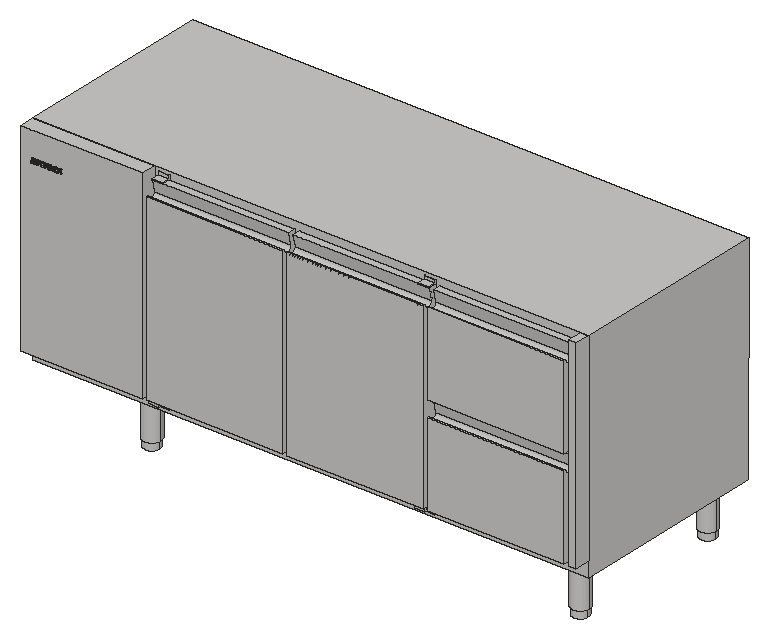
Revit family "QF_ALPENINOX_712201_AK3F7AAB", category Specialty Equipment, Revit 2018 (continued)
Definition of nested family "APX_BI_BT_L"
  Automatic sketch dimensions
    Extrusion 4 sketch curve to Extrusion 4 sketch curve = 2.288 mm  (x2)
    Extrusion 4 sketch curve to Extrusion 4 sketch curve = 0.533 mm  (x4)
    Extrusion 4 sketch curve to Extrusion 4 sketch curve = 0.732 mm
    Extrusion 4 sketch curve to Extrusion 4 sketch curve = 0.14 mm  (x4)
    Extrusion 4 sketch curve to Extrusion 4 sketch curve = 0.075 mm
    Extrusion 4 sketch curve to Extrusion 4 sketch curve = 0.31 mm  (x2)
    Extrusion 4 sketch curve to Extrusion 4 sketch curve = 0.473 mm
    Extrusion 4 sketch curve to Extrusion 4 sketch curve = 0.171 mm
    Extrusion 4 sketch curve to Extrusion 4 sketch curve = 0.674 mm
    Extrusion 4 sketch curve to Extrusion 4 sketch curve = 1.992 mm
    Extrusion 4 sketch curve to Extrusion 4 sketch curve = 5.4 mm
    Extrusion 4 sketch curve to Extrusion 4 sketch curve = 3.473 mm  (x2)
    Extrusion 4 sketch curve to Extrusion 4 sketch curve = 2.32 mm
    Extrusion 4 sketch curve to Extrusion 4 sketch curve = 2.431 mm
    Extrusion 4 sketch curve to Extrusion 4 sketch curve = 1.177 mm
    Extrusion 4 sketch curve to Extrusion 4 sketch curve = 0.966 mm
    Extrusion 4 sketch curve to Extrusion 4 sketch curve = 2.544 mm
    Extrusion 4 sketch curve to Extrusion 4 sketch curve = 0.346 mm
    Extrusion 4 sketch curve to Extrusion 4 sketch curve = 0.037 mm
    Extrusion 4 sketch curve to Extrusion 4 sketch curve = 2.58 mm  (x2)
    Extrusion 4 sketch curve to Extrusion 4 sketch curve = 0.793 mm  (x2)
    Extrusion 4 sketch curve to Extrusion 4 sketch curve = 0.276 mm
    Extrusion 4 sketch curve to Extrusion 4 sketch curve = 3.452 mm  (x2)
    Extrusion 4 sketch curve to Extrusion 4 sketch curve = 1.238 mm
    Extrusion 4 sketch curve to Extrusion 4 sketch curve = 3.023 mm
    Extrusion 4 sketch curve to Extrusion 4 sketch curve = 0.834 mm  (x2)
    Extrusion 4 sketch curve to Extrusion 4 sketch curve = 0.529 mm
    Extrusion 4 sketch curve to Extrusion 4 sketch curve = 0.823 mm  (x2)
    Extrusion 4 sketch curve to Extrusion 4 sketch curve = 0.947 mm
    Extrusion 4 sketch curve to Extrusion 4 sketch curve = 3.837 mm
    Extrusion 4 sketch curve to Extrusion 4 sketch curve = 0.623 mm
    Extrusion 4 sketch curve to Extrusion 4 sketch curve = 1.082 mm
    Extrusion 4 sketch curve to Extrusion 4 sketch curve = 0.801 mm
    Extrusion 4 sketch curve to Extrusion 4 sketch curve = 1 mm
    Extrusion 4 sketch curve to Extrusion 4 sketch curve = 0.089 mm
    Extrusion 4 sketch curve to Extrusion 4 sketch curve = 4.257 mm
    Extrusion 4 sketch curve to Extrusion 4 sketch curve = 4.345 mm  (x2)
    Extrusion 4 sketch curve to Extrusion 4 sketch curve = 2.576 mm
    Extrusion 4 sketch curve to Extrusion 4 sketch curve = 1.385 mm  (x4)
    Extrusion 4 sketch curve to Extrusion 4 sketch curve = 2.133 mm  (x4)
    Extrusion 4 sketch curve to Extrusion 4 sketch curve = 3.518 mm
    Extrusion 4 sketch curve to Extrusion 4 sketch curve = 3.032 mm
    Split face 198 sketch curve to Extrusion 2 = 0 mm  (x2)
    Split face 198 sketch curve to Extrusion 2 = 34 mm
    Split face 198 sketch curve to Extrusion 2 = 104 mm
    Split face 198 sketch curve to Split face 198 sketch curve = 17.5 mm
    Split face 134 sketch curve to Extrusion 2 = 135.544 mm
    Split face 134 sketch curve to Extrusion 2 = 128.176 mm
    Split face 135 sketch curve to Extrusion 2 = 80.544 mm
    Split face 135 sketch curve to Extrusion 2 = 128.176 mm
    Split face 136 sketch curve to Extrusion 2 = 135.544 mm
    Split face 136 sketch curve to Extrusion 2 = 140.176 mm
    Split face 137 sketch curve to Extrusion 2 = 80.544 mm
    Split face 137 sketch curve to Extrusion 2 = 140.176 mm
    Split face 138 sketch curve to Extrusion 2 = 135.544 mm
    Split face 138 sketch curve to Extrusion 2 = 152.176 mm
    Split face 139 sketch curve to Extrusion 2 = 80.544 mm
    Split face 139 sketch curve to Extrusion 2 = 152.176 mm
    Split face 140 sketch curve to Extrusion 2 = 135.544 mm
    Split face 140 sketch curve to Extrusion 2 = 164.176 mm
    Split face 141 sketch curve to Extrusion 2 = 80.544 mm
    Split face 141 sketch curve to Extrusion 2 = 164.176 mm
    Split face 142 sketch curve to Extrusion 2 = 135.544 mm
    Split face 142 sketch curve to Extrusion 2 = 176.176 mm
    Split face 143 sketch curve to Extrusion 2 = 80.544 mm
    Split face 143 sketch curve to Extrusion 2 = 176.176 mm
    Split face 144 sketch curve to Extrusion 2 = 135.544 mm
    Split face 144 sketch curve to Extrusion 2 = 188.176 mm
    Split face 145 sketch curve to Extrusion 2 = 80.544 mm
    Split face 145 sketch curve to Extrusion 2 = 188.176 mm
    Split face 146 sketch curve to Extrusion 2 = 135.544 mm
    Split face 146 sketch curve to Extrusion 2 = 200.176 mm
    Split face 147 sketch curve to Extrusion 2 = 80.544 mm
    Split face 147 sketch curve to Extrusion 2 = 200.176 mm
    Split face 148 sketch curve to Extrusion 2 = 135.544 mm
    Split face 148 sketch curve to Extrusion 2 = 212.176 mm
    Split face 149 sketch curve to Extrusion 2 = 80.544 mm
    Split face 149 sketch curve to Extrusion 2 = 212.176 mm
    Split face 150 sketch curve to Extrusion 2 = 135.544 mm
    Split face 150 sketch curve to Extrusion 2 = 224.176 mm
    Split face 151 sketch curve to Extrusion 2 = 80.544 mm
    Split face 151 sketch curve to Extrusion 2 = 224.176 mm
    Split face 152 sketch curve to Extrusion 2 = 135.544 mm
    Split face 152 sketch curve to Extrusion 2 = 236.176 mm
    Split face 153 sketch curve to Extrusion 2 = 80.544 mm
    Split face 153 sketch curve to Extrusion 2 = 236.176 mm
    Split face 154 sketch curve to Extrusion 2 = 135.544 mm
    Split face 154 sketch curve to Extrusion 2 = 248.176 mm
    Split face 155 sketch curve to Extrusion 2 = 80.544 mm
    Split face 155 sketch curve to Extrusion 2 = 248.176 mm
    Split face 156 sketch curve to Extrusion 2 = 135.544 mm
    Split face 156 sketch curve to Extrusion 2 = 260.176 mm
    Split face 157 sketch curve to Extrusion 2 = 80.544 mm
    Split face 157 sketch curve to Extrusion 2 = 260.176 mm
    Split face 158 sketch curve to Extrusion 2 = 135.544 mm
    Split face 158 sketch curve to Extrusion 2 = 272.176 mm
    Split face 159 sketch curve to Extrusion 2 = 80.544 mm
    Split face 159 sketch curve to Extrusion 2 = 272.176 mm
    Split face 160 sketch curve to Extrusion 2 = 135.544 mm
    Split face 160 sketch curve to Extrusion 2 = 284.176 mm
    Split face 161 sketch curve to Extrusion 2 = 80.544 mm
    Split face 161 sketch curve to Extrusion 2 = 284.176 mm
    Split face 162 sketch curve to Extrusion 2 = 135.544 mm
    Split face 162 sketch curve to Extrusion 2 = 296.176 mm
    Split face 163 sketch curve to Extrusion 2 = 80.544 mm
    Split face 163 sketch curve to Extrusion 2 = 296.176 mm
    Split face 164 sketch curve to Extrusion 2 = 135.544 mm
    Split face 164 sketch curve to Extrusion 2 = 308.176 mm
    Split face 165 sketch curve to Extrusion 2 = 80.544 mm
    Split face 165 sketch curve to Extrusion 2 = 308.176 mm
    Split face 166 sketch curve to Extrusion 2 = 135.544 mm
    Split face 166 sketch curve to Extrusion 2 = 192.174 mm
    Split face 167 sketch curve to Extrusion 2 = 80.544 mm
    Split face 167 sketch curve to Extrusion 2 = 192.174 mm
    Split face 168 sketch curve to Extrusion 2 = 135.544 mm
    Split face 168 sketch curve to Extrusion 2 = 180.174 mm
    Split face 169 sketch curve to Extrusion 2 = 80.544 mm
    Split face 169 sketch curve to Extrusion 2 = 180.174 mm
    Split face 170 sketch curve to Extrusion 2 = 135.544 mm
    Split face 170 sketch curve to Extrusion 2 = 168.174 mm
    Split face 171 sketch curve to Extrusion 2 = 80.544 mm
    Split face 171 sketch curve to Extrusion 2 = 168.174 mm
    Split face 172 sketch curve to Extrusion 2 = 135.544 mm
    Split face 172 sketch curve to Extrusion 2 = 156.174 mm
    Split face 173 sketch curve to Extrusion 2 = 80.544 mm
    Split face 173 sketch curve to Extrusion 2 = 156.174 mm
    Split face 174 sketch curve to Extrusion 2 = 135.544 mm
    Split face 174 sketch curve to Extrusion 2 = 144.174 mm
    Split face 175 sketch curve to Extrusion 2 = 80.544 mm
    Split face 175 sketch curve to Extrusion 2 = 144.174 mm
    Split face 176 sketch curve to Extrusion 2 = 135.544 mm
    Split face 176 sketch curve to Extrusion 2 = 132.174 mm
    Split face 177 sketch curve to Extrusion 2 = 80.544 mm
    Split face 177 sketch curve to Extrusion 2 = 132.174 mm
    Split face 178 sketch curve to Extrusion 2 = 135.544 mm
    Split face 178 sketch curve to Extrusion 2 = 120.174 mm
    Split face 179 sketch curve to Extrusion 2 = 80.544 mm
    Split face 179 sketch curve to Extrusion 2 = 120.174 mm
    Split face 180 sketch curve to Extrusion 2 = 135.544 mm
    Split face 180 sketch curve to Extrusion 2 = 108.174 mm
    Split face 181 sketch curve to Extrusion 2 = 80.544 mm
    Split face 181 sketch curve to Extrusion 2 = 108.174 mm
    Split face 182 sketch curve to Extrusion 2 = 135.544 mm
    Split face 182 sketch curve to Extrusion 2 = 96.174 mm
    Split face 183 sketch curve to Extrusion 2 = 80.544 mm
    Split face 183 sketch curve to Extrusion 2 = 96.174 mm
    Split face 184 sketch curve to Extrusion 2 = 135.544 mm
    Split face 184 sketch curve to Extrusion 2 = 84.174 mm
    Split face 185 sketch curve to Extrusion 2 = 80.544 mm
    Split face 185 sketch curve to Extrusion 2 = 84.174 mm
    Split face 186 sketch curve to Extrusion 2 = 135.544 mm
    Split face 186 sketch curve to Extrusion 2 = 72.174 mm
    Split face 187 sketch curve to Extrusion 2 = 80.544 mm
    Split face 187 sketch curve to Extrusion 2 = 72.174 mm
    Split face 188 sketch curve to Extrusion 2 = 135.544 mm
    Split face 188 sketch curve to Extrusion 2 = 60.174 mm
    Split face 189 sketch curve to Extrusion 2 = 80.544 mm
    Split face 189 sketch curve to Extrusion 2 = 60.174 mm
    Split face 190 sketch curve to Extrusion 2 = 56.174 mm
    Split face 190 sketch curve to Extrusion 2 = 135.544 mm
    Split face 191 sketch curve to Extrusion 2 = 80.544 mm
    Split face 191 sketch curve to Extrusion 2 = 48.174 mm
    Split face 192 sketch curve to Extrusion 2 = 44.174 mm
    Split face 192 sketch curve to Extrusion 2 = 135.544 mm
    Split face 193 sketch curve to Extrusion 2 = 80.544 mm
    Split face 193 sketch curve to Extrusion 2 = 36.174 mm
    Split face 194 sketch curve to Extrusion 2 = 32.174 mm
    Split face 194 sketch curve to Extrusion 2 = 135.544 mm
    Split face 195 sketch curve to Extrusion 2 = 32.174 mm
    Split face 195 sketch curve to Extrusion 2 = 80.544 mm
    Split face 196 sketch curve to Extrusion 2 = 20.174 mm
    Split face 196 sketch curve to Extrusion 2 = 135.544 mm
    Split face 197 sketch curve to Extrusion 2 = 20.174 mm
    Split face 197 sketch curve to Extrusion 2 = 80.544 mm
    Split face 4 sketch curve to Extrusion 2 = 38.456 mm
    Split face 4 sketch curve to Extrusion 2 = 128.176 mm
    Split face 5 sketch curve to Extrusion 2 = 190.544 mm
    Split face 5 sketch curve to Extrusion 2 = 128.176 mm
    Split face 6 sketch curve to Extrusion 2 = 93.456 mm
    Split face 6 sketch curve to Extrusion 2 = 128.176 mm
    Split face 7 sketch curve to Extrusion 2 = 148.456 mm
    Split face 7 sketch curve to Extrusion 2 = 128.176 mm
    Split face 9 sketch curve to Extrusion 2 = 38.456 mm
    Split face 9 sketch curve to Extrusion 2 = 140.176 mm
    Split face 10 sketch curve to Extrusion 2 = 190.544 mm
    Split face 10 sketch curve to Extrusion 2 = 140.176 mm
    Split face 11 sketch curve to Extrusion 2 = 93.456 mm
    Split face 11 sketch curve to Extrusion 2 = 140.176 mm
    Split face 12 sketch curve to Extrusion 2 = 148.456 mm
    Split face 12 sketch curve to Extrusion 2 = 140.176 mm
    Split face 13 sketch curve to Extrusion 2 = 38.456 mm
    Split face 13 sketch curve to Extrusion 2 = 152.176 mm
    Split face 14 sketch curve to Extrusion 2 = 190.544 mm
    Split face 14 sketch curve to Extrusion 2 = 152.176 mm
    Split face 15 sketch curve to Extrusion 2 = 93.456 mm
    Split face 15 sketch curve to Extrusion 2 = 152.176 mm
    Split face 16 sketch curve to Extrusion 2 = 148.456 mm
    Split face 16 sketch curve to Extrusion 2 = 152.176 mm
    Split face 17 sketch curve to Extrusion 2 = 38.456 mm
    Split face 17 sketch curve to Extrusion 2 = 164.176 mm
    Split face 18 sketch curve to Extrusion 2 = 190.544 mm
    Split face 18 sketch curve to Extrusion 2 = 164.176 mm
    Split face 19 sketch curve to Extrusion 2 = 93.456 mm
    Split face 19 sketch curve to Extrusion 2 = 164.176 mm
    Split face 20 sketch curve to Extrusion 2 = 148.456 mm
    Split face 20 sketch curve to Extrusion 2 = 164.176 mm
    Split face 21 sketch curve to Extrusion 2 = 38.456 mm
    Split face 21 sketch curve to Extrusion 2 = 176.176 mm
    Split face 22 sketch curve to Extrusion 2 = 190.544 mm
    Split face 22 sketch curve to Extrusion 2 = 176.176 mm
    Split face 23 sketch curve to Extrusion 2 = 93.456 mm
    Split face 23 sketch curve to Extrusion 2 = 176.176 mm
    Split face 24 sketch curve to Extrusion 2 = 148.456 mm
    Split face 24 sketch curve to Extrusion 2 = 176.176 mm
    Split face 25 sketch curve to Extrusion 2 = 38.456 mm
    Split face 25 sketch curve to Extrusion 2 = 188.176 mm
    Split face 26 sketch curve to Extrusion 2 = 190.544 mm
    Split face 26 sketch curve to Extrusion 2 = 188.176 mm
    Split face 27 sketch curve to Extrusion 2 = 93.456 mm
    Split face 27 sketch curve to Extrusion 2 = 188.176 mm
    Split face 28 sketch curve to Extrusion 2 = 148.456 mm
    Split face 28 sketch curve to Extrusion 2 = 188.176 mm
    Split face 29 sketch curve to Extrusion 2 = 38.456 mm
    Split face 29 sketch curve to Extrusion 2 = 200.176 mm
    Split face 30 sketch curve to Extrusion 2 = 190.544 mm
    Split face 30 sketch curve to Extrusion 2 = 200.176 mm
    Split face 31 sketch curve to Extrusion 2 = 93.456 mm
    Split face 31 sketch curve to Extrusion 2 = 200.176 mm
    Split face 32 sketch curve to Extrusion 2 = 148.456 mm
    Split face 32 sketch curve to Extrusion 2 = 200.176 mm
    Split face 33 sketch curve to Extrusion 2 = 38.456 mm
    Split face 33 sketch curve to Extrusion 2 = 212.176 mm
    Split face 34 sketch curve to Extrusion 2 = 190.544 mm
    Split face 34 sketch curve to Extrusion 2 = 212.176 mm
    Split face 35 sketch curve to Extrusion 2 = 93.456 mm
    Split face 35 sketch curve to Extrusion 2 = 212.176 mm
    Split face 36 sketch curve to Extrusion 2 = 148.456 mm
    Split face 36 sketch curve to Extrusion 2 = 212.176 mm
    Split face 37 sketch curve to Extrusion 2 = 38.456 mm
    Split face 37 sketch curve to Extrusion 2 = 224.176 mm
    Split face 38 sketch curve to Extrusion 2 = 190.544 mm
    Split face 38 sketch curve to Extrusion 2 = 224.176 mm
    Split face 39 sketch curve to Extrusion 2 = 93.456 mm
    Split face 39 sketch curve to Extrusion 2 = 224.176 mm
    Split face 40 sketch curve to Extrusion 2 = 148.456 mm
    Split face 40 sketch curve to Extrusion 2 = 224.176 mm
    Split face 41 sketch curve to Extrusion 2 = 38.456 mm
    Split face 41 sketch curve to Extrusion 2 = 236.176 mm
    Split face 42 sketch curve to Extrusion 2 = 190.544 mm
    Split face 42 sketch curve to Extrusion 2 = 236.176 mm
    Split face 43 sketch curve to Extrusion 2 = 93.456 mm
    Split face 43 sketch curve to Extrusion 2 = 236.176 mm
    Split face 44 sketch curve to Extrusion 2 = 148.456 mm
    Split face 44 sketch curve to Extrusion 2 = 236.176 mm
    Split face 45 sketch curve to Extrusion 2 = 38.456 mm
    Split face 45 sketch curve to Extrusion 2 = 248.176 mm
    Split face 46 sketch curve to Extrusion 2 = 190.544 mm
    Split face 46 sketch curve to Extrusion 2 = 248.176 mm
    Split face 47 sketch curve to Extrusion 2 = 93.456 mm
    Split face 47 sketch curve to Extrusion 2 = 248.176 mm
    Split face 48 sketch curve to Extrusion 2 = 148.456 mm
    Split face 48 sketch curve to Extrusion 2 = 248.176 mm
    Split face 49 sketch curve to Extrusion 2 = 38.456 mm
    Split face 49 sketch curve to Extrusion 2 = 260.176 mm
    Split face 50 sketch curve to Extrusion 2 = 190.544 mm
    Split face 50 sketch curve to Extrusion 2 = 260.176 mm
    Split face 51 sketch curve to Extrusion 2 = 93.456 mm
    Split face 51 sketch curve to Extrusion 2 = 260.176 mm
    Split face 52 sketch curve to Extrusion 2 = 148.456 mm
    Split face 52 sketch curve to Extrusion 2 = 260.176 mm
    Split face 53 sketch curve to Extrusion 2 = 38.456 mm
    Split face 53 sketch curve to Extrusion 2 = 272.176 mm
    Split face 54 sketch curve to Extrusion 2 = 190.544 mm
    Split face 54 sketch curve to Extrusion 2 = 272.176 mm
    Split face 55 sketch curve to Extrusion 2 = 93.456 mm
    Split face 55 sketch curve to Extrusion 2 = 272.176 mm
    Split face 56 sketch curve to Extrusion 2 = 148.456 mm
    Split face 56 sketch curve to Extrusion 2 = 272.176 mm
    Split face 57 sketch curve to Extrusion 2 = 38.456 mm
    Split face 57 sketch curve to Extrusion 2 = 284.176 mm
    Split face 58 sketch curve to Extrusion 2 = 190.544 mm
    Split face 58 sketch curve to Extrusion 2 = 284.176 mm
    Split face 59 sketch curve to Extrusion 2 = 93.456 mm
    Split face 59 sketch curve to Extrusion 2 = 284.176 mm
    Split face 60 sketch curve to Extrusion 2 = 148.456 mm
    Split face 60 sketch curve to Extrusion 2 = 284.176 mm
    Split face 61 sketch curve to Extrusion 2 = 38.456 mm
    Split face 61 sketch curve to Extrusion 2 = 296.176 mm
    Split face 62 sketch curve to Extrusion 2 = 190.544 mm
    Split face 62 sketch curve to Extrusion 2 = 296.176 mm
    Split face 63 sketch curve to Extrusion 2 = 93.456 mm
    Split face 63 sketch curve to Extrusion 2 = 296.176 mm
    Split face 64 sketch curve to Extrusion 2 = 148.456 mm
    Split face 64 sketch curve to Extrusion 2 = 296.176 mm
    Split face 65 sketch curve to Extrusion 2 = 38.456 mm
    Split face 65 sketch curve to Extrusion 2 = 308.176 mm
    Split face 66 sketch curve to Extrusion 2 = 190.544 mm
    Split face 66 sketch curve to Extrusion 2 = 308.176 mm
    Split face 67 sketch curve to Extrusion 2 = 93.456 mm
    Split face 67 sketch curve to Extrusion 2 = 308.176 mm
    Split face 68 sketch curve to Extrusion 2 = 148.456 mm
    Split face 68 sketch curve to Extrusion 2 = 308.176 mm
    Split face 70 sketch curve to Extrusion 2 = 38.456 mm
    Split face 70 sketch curve to Extrusion 2 = 192.174 mm
    Split face 71 sketch curve to Extrusion 2 = 190.544 mm
    Split face 71 sketch curve to Extrusion 2 = 192.174 mm
    Split face 72 sketch curve to Extrusion 2 = 93.456 mm
    Split face 72 sketch curve to Extrusion 2 = 192.174 mm
    Split face 73 sketch curve to Extrusion 2 = 148.456 mm
    Split face 73 sketch curve to Extrusion 2 = 192.174 mm
    Split face 74 sketch curve to Extrusion 2 = 38.456 mm
    Split face 74 sketch curve to Extrusion 2 = 180.174 mm
    Split face 75 sketch curve to Extrusion 2 = 190.544 mm
    Split face 75 sketch curve to Extrusion 2 = 180.174 mm
    Split face 76 sketch curve to Extrusion 2 = 93.456 mm
    Split face 76 sketch curve to Extrusion 2 = 180.174 mm
    Split face 77 sketch curve to Extrusion 2 = 148.456 mm
    Split face 77 sketch curve to Extrusion 2 = 180.174 mm
    Split face 78 sketch curve to Extrusion 2 = 38.456 mm
    Split face 78 sketch curve to Extrusion 2 = 168.174 mm
    Split face 79 sketch curve to Extrusion 2 = 190.544 mm
    Split face 79 sketch curve to Extrusion 2 = 168.174 mm
    Split face 80 sketch curve to Extrusion 2 = 93.456 mm
    Split face 80 sketch curve to Extrusion 2 = 168.174 mm
    Split face 81 sketch curve to Extrusion 2 = 148.456 mm
    Split face 81 sketch curve to Extrusion 2 = 168.174 mm
    Split face 82 sketch curve to Extrusion 2 = 38.456 mm
    Split face 82 sketch curve to Extrusion 2 = 156.174 mm
    Split face 83 sketch curve to Extrusion 2 = 190.544 mm
    Split face 83 sketch curve to Extrusion 2 = 156.174 mm
    Split face 84 sketch curve to Extrusion 2 = 93.456 mm
    Split face 84 sketch curve to Extrusion 2 = 156.174 mm
    Split face 85 sketch curve to Extrusion 2 = 148.456 mm
    Split face 85 sketch curve to Extrusion 2 = 156.174 mm
    Split face 86 sketch curve to Extrusion 2 = 38.456 mm
    Split face 86 sketch curve to Extrusion 2 = 144.174 mm
    Split face 87 sketch curve to Extrusion 2 = 190.544 mm
    Split face 87 sketch curve to Extrusion 2 = 144.174 mm
    Split face 88 sketch curve to Extrusion 2 = 93.456 mm
    Split face 88 sketch curve to Extrusion 2 = 144.174 mm
    Split face 89 sketch curve to Extrusion 2 = 148.456 mm
    Split face 89 sketch curve to Extrusion 2 = 144.174 mm
    Split face 90 sketch curve to Extrusion 2 = 38.456 mm
    Split face 90 sketch curve to Extrusion 2 = 132.174 mm
    Split face 91 sketch curve to Extrusion 2 = 190.544 mm
    Split face 91 sketch curve to Extrusion 2 = 132.174 mm
    Split face 92 sketch curve to Extrusion 2 = 93.456 mm
    Split face 92 sketch curve to Extrusion 2 = 132.174 mm
    Split face 93 sketch curve to Extrusion 2 = 148.456 mm
    Split face 93 sketch curve to Extrusion 2 = 132.174 mm
    Split face 94 sketch curve to Extrusion 2 = 38.456 mm
    Split face 94 sketch curve to Extrusion 2 = 120.174 mm
    Split face 95 sketch curve to Extrusion 2 = 190.544 mm
    Split face 95 sketch curve to Extrusion 2 = 120.174 mm
    Split face 96 sketch curve to Extrusion 2 = 93.456 mm
    Split face 96 sketch curve to Extrusion 2 = 120.174 mm
    Split face 97 sketch curve to Extrusion 2 = 148.456 mm
    Split face 97 sketch curve to Extrusion 2 = 120.174 mm
    Split face 98 sketch curve to Extrusion 2 = 38.456 mm
    Split face 98 sketch curve to Extrusion 2 = 108.174 mm
    Split face 99 sketch curve to Extrusion 2 = 190.544 mm
    Split face 99 sketch curve to Extrusion 2 = 108.174 mm
    Split face 100 sketch curve to Extrusion 2 = 93.456 mm
    Split face 100 sketch curve to Extrusion 2 = 108.174 mm
    Split face 101 sketch curve to Extrusion 2 = 148.456 mm
    Split face 101 sketch curve to Extrusion 2 = 108.174 mm
    Split face 102 sketch curve to Extrusion 2 = 38.456 mm
    Split face 102 sketch curve to Extrusion 2 = 96.174 mm
    Split face 103 sketch curve to Extrusion 2 = 190.544 mm
    Split face 103 sketch curve to Extrusion 2 = 96.174 mm
    Split face 104 sketch curve to Extrusion 2 = 93.456 mm
    Split face 104 sketch curve to Extrusion 2 = 96.174 mm
    Split face 105 sketch curve to Extrusion 2 = 148.456 mm
    Split face 105 sketch curve to Extrusion 2 = 96.174 mm
    Split face 106 sketch curve to Extrusion 2 = 38.456 mm
    Split face 106 sketch curve to Extrusion 2 = 84.174 mm
    Split face 107 sketch curve to Extrusion 2 = 92.174 mm
    Split face 107 sketch curve to Extrusion 2 = 190.544 mm
    Split face 108 sketch curve to Extrusion 2 = 93.456 mm
    Split face 108 sketch curve to Extrusion 2 = 84.174 mm
    Split face 109 sketch curve to Extrusion 2 = 148.456 mm
    Split face 109 sketch curve to Extrusion 2 = 84.174 mm
    Split face 110 sketch curve to Extrusion 2 = 38.456 mm
    Split face 110 sketch curve to Extrusion 2 = 72.174 mm
    Split face 111 sketch curve to Extrusion 2 = 80.174 mm
    Split face 111 sketch curve to Extrusion 2 = 190.544 mm
    Split face 112 sketch curve to Extrusion 2 = 93.456 mm
    Split face 112 sketch curve to Extrusion 2 = 72.174 mm
    Split face 113 sketch curve to Extrusion 2 = 148.456 mm
    Split face 113 sketch curve to Extrusion 2 = 72.174 mm
    Split face 114 sketch curve to Extrusion 2 = 38.456 mm
    Split face 114 sketch curve to Extrusion 2 = 60.174 mm
    Split face 115 sketch curve to Extrusion 2 = 68.174 mm
    Split face 115 sketch curve to Extrusion 2 = 190.544 mm
    Split face 116 sketch curve to Extrusion 2 = 93.456 mm
    Split face 116 sketch curve to Extrusion 2 = 60.174 mm
    Split face 117 sketch curve to Extrusion 2 = 68.174 mm
    Split face 117 sketch curve to Extrusion 2 = 148.456 mm
    Split face 118 sketch curve to Extrusion 2 = 38.456 mm
    Split face 118 sketch curve to Extrusion 2 = 48.174 mm
    Split face 119 sketch curve to Extrusion 2 = 56.174 mm
    Split face 119 sketch curve to Extrusion 2 = 190.544 mm
    Split face 120 sketch curve to Extrusion 2 = 93.456 mm
    Split face 120 sketch curve to Extrusion 2 = 48.174 mm
    Split face 121 sketch curve to Extrusion 2 = 56.174 mm
    Split face 121 sketch curve to Extrusion 2 = 148.456 mm
    Split face 122 sketch curve to Extrusion 2 = 38.456 mm
    Split face 122 sketch curve to Extrusion 2 = 36.174 mm
    Split face 123 sketch curve to Extrusion 2 = 44.174 mm
    Split face 123 sketch curve to Extrusion 2 = 190.544 mm
    Split face 124 sketch curve to Extrusion 2 = 44.174 mm
    Split face 124 sketch curve to Extrusion 2 = 93.456 mm
    Split face 125 sketch curve to Extrusion 2 = 44.174 mm
    Split face 125 sketch curve to Extrusion 2 = 148.456 mm
    Split face 126 sketch curve to Extrusion 2 = 38.456 mm
    Split face 126 sketch curve to Extrusion 2 = 24.174 mm
    Split face 127 sketch curve to Extrusion 2 = 32.174 mm
    Split face 127 sketch curve to Extrusion 2 = 190.544 mm
    Split face 128 sketch curve to Extrusion 2 = 32.174 mm
    Split face 128 sketch curve to Extrusion 2 = 93.456 mm
    Split face 129 sketch curve to Extrusion 2 = 32.174 mm
    Split face 129 sketch curve to Extrusion 2 = 148.456 mm
    Split face 130 sketch curve to Extrusion 2 = 38.456 mm
    Split face 130 sketch curve to Extrusion 2 = 12.174 mm
    Split face 131 sketch curve to Extrusion 2 = 20.174 mm
    Split face 131 sketch curve to Extrusion 2 = 190.544 mm
    Split face 132 sketch curve to Extrusion 2 = 20.174 mm
    Split face 132 sketch curve to Extrusion 2 = 93.456 mm
    Split face 133 sketch curve to Extrusion 2 = 20.174 mm
    Split face 133 sketch curve to Extrusion 2 = 148.456 mm
    curve 1 to level = 0 mm
    curve 1 to plane 5 = 0 mm
    curve 1 to curve 1 = 50 mm
Definition of nested family "APX_SD_L"
  Parameters
    Show Clearance [instance] = yes
    Default Elevation = 1219.2 mm
  Reference planes
    plane 1 "Center (Front/Back)": y = 0
    plane 2: z = 0
    plane 3 "Center (Left/Right)": x = 0
    plane 4: x = -234
    plane 5: x = 234
  Forms (mm)
    Extrusion 1, solid
      sketch origin (0, 0, 0) x (1, 0, 0) y (0, 1, 0)
        loop
          line (-1219.2, 1219.2) -> (-1219.2, -1219.2) -> (1219.2, -1219.2) -> (1219.2, 1219.2) -> (-1219.2, 1219.2)
      from 0 to -304.8
    Extrusion 2, solid
      sketch origin (0, 0, -3) x (0, 1, 0) y (0, 0, 1)
        loop
          line (-314, 53) -> (-314, 3) -> (314, 3) -> (314, 29) -> (274.395, 20)
          arc (274.395, 20) -> (260.396, 33.803) -> (274, 47.994) r 14
          line (274, 47.994) -> (274, 53) -> (-314, 53)
      from -220 to 220
    Extrusion 3, solid
      sketch origin (0, 0, 0) x (0, 1, 0) y (0, 0, -1)
        loop
          line (-323.003, -40.312) -> (-323.003, -12.259) -> (-323.003, 0) -> (-351.511, 0) -> (-351.511, -2.5) -> (-325.503, -2.5) -> (-325.503, -42.812) -> (-316.501, -42.812) -> (-316.501, -40.312) -> (-323.003, -40.312)
        loop
          line (-314, -38.311) -> (-314, -11.804) -> (-319.752, -11.804) -> (-319.752, -14.304) -> (-316.501, -14.304) -> (-316.501, -38.311) -> (-314, -38.311)
        loop
          line (315.003, -27.948) -> (317.503, -27.948) -> (317.503, -2.5) -> (327.503, -2.5) -> (327.503, 0) -> (315.003, 0) -> (315.003, -2.948) -> (315.003, -27.948)
      from 185 to 220
    Extrusion 4, solid, visible <- "Show Clearance", detail levels coarse
      sketch origin (0, 0, -3) x (-1, 0, 0) y (0, 0, -1)
        loop
          line (220, -53) -> (-220, -53)
          arc (-220, -53) -> (-79.636, -340.04) -> (220, -451) r 430
          line (220, -451) -> (220, -53)
      from -314 to 314
  Lines and regions (mm)
    symbolic lines
      curve 1: arc (219.599, 0, 55) -> (95.934, 0, 321.503) -> (-170, 0, 446.39) r 430
      curve 2: line (-220, 0, 55) -> (-220, 0, 448)
      curve 3: line (-170, 0, 55) -> (-170, 0, 448)
      curve 4: line (-220, 0, 448) -> (-170, 0, 448)
  Dimensions and locks
    plane 4 to plane 3 "Center (Left/Right)" to plane 5 = 234 mm locked, 234 mm locked
    aligned and locked: plane 2 to Extrusion 1
    aligned and locked: level to Extrusion 1
Definition of nested family "APX_SD_R"
  Parameters
    Show Clearance [instance] = yes
    Default Elevation = 1219.2 mm
  Reference planes
    plane 1 "Center (Front/Back)": y = 0
    plane 2: z = 0
    plane 3 "Center (Left/Right)": x = 0
    plane 4: x = -234
    plane 5: x = 234
  Forms (mm)
    Extrusion 1, solid
      sketch origin (0, 0, 0) x (1, 0, 0) y (0, 1, 0)
        loop
          line (-1219.2, 1219.2) -> (-1219.2, -1219.2) -> (1219.2, -1219.2) -> (1219.2, 1219.2) -> (-1219.2, 1219.2)
      from 0 to -304.8
    Extrusion 2, solid
      sketch origin (0, 0, -3) x (0, 1, 0) y (0, 0, -1)
        loop
          line (-314, -53) -> (274, -53) -> (274, -47.994)
          arc (274, -47.994) -> (260.396, -33.803) -> (274.395, -20) r 14
          line (274.395, -20) -> (314, -29) -> (314, -3) -> (-314, -3) -> (-314, -53)
      from -220 to 220
    Extrusion 3, solid
      sketch origin (0, 0, 0) x (0, 1, 0) y (0, 0, 1)
        loop
          line (-323.003, 40.312) -> (-316.501, 40.312) -> (-316.501, 42.812) -> (-325.503, 42.812) -> (-325.503, 2.5) -> (-351.511, 2.5) -> (-351.511, 0) -> (-323.003, 0) -> (-323.003, 12.259) -> (-323.003, 40.312)
        loop
          line (-314, 38.311) -> (-316.501, 38.311) -> (-316.501, 14.304) -> (-319.752, 14.304) -> (-319.752, 11.804) -> (-314, 11.804) -> (-314, 38.311)
        loop
          line (315.003, 27.948) -> (315.003, 2.948) -> (315.003, 0) -> (327.503, 0) -> (327.503, 2.5) -> (317.503, 2.5) -> (317.503, 27.948) -> (315.003, 27.948)
      from 185 to 220
    Extrusion 4, solid, visible <- "Show Clearance", detail levels coarse
      sketch origin (0, 0, -3) x (1, 0, 0) y (0, 0, 1)
        loop
          line (220, 53) -> (220, 451)
          arc (220, 451) -> (-79.636, 340.04) -> (-220, 53) r 430
          line (-220, 53) -> (220, 53)
      from -314 to 314
  Lines and regions (mm)
    symbolic lines
      curve 1: arc (-219.599, 0, 55) -> (-95.934, 0, 321.503) -> (170, 0, 446.39) r 430
      curve 2: line (220, 0, 55) -> (220, 0, 448)
      curve 3: line (170, 0, 55) -> (170, 0, 448)
      curve 4: line (220, 0, 448) -> (170, 0, 448)
  Dimensions and locks
    plane 4 to plane 3 "Center (Left/Right)" to plane 5 = 234 mm locked, 234 mm locked
    aligned and locked: plane 2 to Extrusion 1
    aligned and locked: level to Extrusion 1
Definition of nested family "APX_HALF"
  Parameters
    Show Clearance [instance] = yes
    Default Elevation = 1219.2 mm
  Reference planes
    plane 1 "Center (Front/Back)": y = 0
    plane 2: z = 0
    plane 3 "Center (Left/Right)": x = 0
    plane 4: x = -234
    plane 5: x = 234
    plane 6: z = 618
  Forms (mm)
    Extrusion 1, solid
      sketch origin (0, 0, 0) x (1, 0, 0) y (0, 1, 0)
        loop
          line (-1219.2, 1219.2) -> (-1219.2, -1219.2) -> (1219.2, -1219.2) -> (1219.2, 1219.2) -> (-1219.2, 1219.2)
      from 0 to -304.8
    Extrusion 2, solid
      sketch origin (0, 0, 0) x (0, 1, 0) y (0, 0, 1)
        loop
          line (314, 0) -> (314, 26) -> (274.395, 17)
          arc (274.395, 17) -> (260.395, 31) -> (274.395, 45) r 14
          line (274.395, 45) -> (274.395, 50) -> (5, 50) -> (5, 0) -> (314, 0)
        loop
          line (-5, 0) -> (-5, 26) -> (-44.605, 17)
          arc (-44.605, 17) -> (-58.605, 31) -> (-44.605, 45) r 14
          line (-44.605, 45) -> (-44.605, 50) -> (-314, 50) -> (-314, 0) -> (-5, 0)
      from -220 to 220
    Extrusion 3, solid, visible <- "Show Clearance", detail levels coarse
      sketch origin (0, 0, 512) x (0, 1, 0) y (0, 0, 1)
        loop
          line (-314, 106) -> (-314, -462) -> (-5, -462) -> (-5, 82) -> (-44.605, 73)
          arc (-44.605, 73) -> (-58.605, 87) -> (-44.605, 101) r 14
          line (-44.605, 101) -> (-44.605, 106) -> (-314, 106)
        loop
          line (314, -462) -> (314, 82) -> (274.395, 73)
          arc (274.395, 73) -> (260.395, 87) -> (274.395, 101) r 14
          line (274.395, 101) -> (274.395, 106) -> (5, 106) -> (5, -462) -> (314, -462)
      from -220 to 220
  Lines and regions (mm)
    symbolic lines
      curve 1: line (220, 0, 139.793) -> (-220, 0, 139.793)
      curve 2: line (220, 0, 174.793) -> (-220, 0, 174.793)
      curve 3: line (220, 0, 259.793) -> (-220, 0, 259.793)
      curve 4: line (220, 0, 294.793) -> (-220, 0, 294.793)
      curve 5: line (191.424, 0, 139.793) -> (191.424, 0, 54.793)
      curve 6: line (-190, 0, 139.793) -> (-190, 0, 54.793)
      curve 7: line (191.424, 0, 259.793) -> (191.424, 0, 174.793)
      curve 8: line (-190, 0, 259.793) -> (-190, 0, 174.793)
      curve 9: line (220, 0, 259.793) -> (220, 0, 294.793)
      curve 10: line (-220, 0, 259.793) -> (-220, 0, 294.793)
      curve 11: line (220, 0, 139.793) -> (220, 0, 174.793)
      curve 12: line (-220, 0, 139.793) -> (-220, 0, 174.793)
  Dimensions and locks
    plane 4 to plane 3 "Center (Left/Right)" to plane 5 = 234 mm locked, 234 mm locked
    plane 6 to level = 618 mm
    aligned and locked: plane 2 to Extrusion 1
    aligned and locked: level to Extrusion 1
Definition of nested family "Freezer"
  Reference planes
    plane 1 "Center (Front/Back)": y = 0
    plane 2: z = 0
    plane 3 "Center (Left/Right)": x = 0
  Lines and regions (mm)
    detail lines, in view "Ref. Level"
      curve 1: spline (-500, 190, 0) -> (-493.185, 166.706, 0) -> (-473.205, 145, 0) -> (-441.421, 126.36, 0) -> (-400, 112.058, 0) -> (-351.764, 103.067, 0) -> (-300, 100, 0) -> (-248.236, 103.067, 0) -> (-200, 112.058, 0) -> (-158.579, 126.36, 0) -> (-126.795, 145, 0) -> (-106.815, 166.706, 0) -> (-100, 190, 0) -> (-106.815, 213.294, 0) -> (-126.795, 235, 0) -> (-158.579, 253.64, 0) -> (-200, 267.942, 0) -> (-248.236, 276.933, 0) -> (-300, 280, 0) -> (-351.764, 276.933, 0) -> (-400, 267.942, 0) -> (-441.421, 253.64, 0) -> (-473.205, 235, 0) -> (-493.185, 213.294, 0) -> (-500, 190, 0)
      curve 2: line (-220, 130, 0) -> (-220, 250, 0)
      curve 3: line (-271.962, 220, 0) -> (-168.038, 160, 0)
      curve 4: line (-271.962, 160, 0) -> (-168.038, 220, 0)
      curve 5: line (-200.884, 246.873, 0) -> (-220, 225, 0)
      curve 6: line (-220, 225, 0) -> (-239.116, 246.873, 0)
      curve 7: line (-250.311, 207.5, 0) -> (-260, 235.883, 0)
      curve 8: line (-279.736, 201.7, 0) -> (-250.311, 207.5, 0)
      curve 9: line (-250.311, 172.5, 0) -> (-279.736, 178.3, 0)
      curve 10: line (-260, 144.117, 0) -> (-250.311, 172.5, 0)
      curve 11: line (-220, 155, 0) -> (-239.116, 133.127, 0)
      curve 12: line (-200.884, 133.127, 0) -> (-220, 155, 0)
      curve 13: line (-189.689, 172.5, 0) -> (-180.304, 145.008, 0)
      curve 14: line (-161.188, 178.118, 0) -> (-189.689, 172.5, 0)
      curve 15: line (-189.689, 207.5, 0) -> (-161.188, 201.882, 0)
      curve 16: line (-180.304, 234.992, 0) -> (-189.689, 207.5, 0)
      curve 17: line (-380, 130, 0) -> (-380, 250, 0)
      curve 18: line (-431.962, 220, 0) -> (-328.038, 160, 0)
      curve 19: line (-431.962, 160, 0) -> (-328.038, 220, 0)
      curve 20: line (-360.884, 246.873, 0) -> (-380, 225, 0)
      curve 21: line (-380, 225, 0) -> (-399.116, 246.873, 0)
      curve 22: line (-410.311, 207.5, 0) -> (-419.696, 234.992, 0)
      curve 23: line (-438.812, 201.882, 0) -> (-410.311, 207.5, 0)
      curve 24: line (-410.311, 172.5, 0) -> (-438.812, 178.118, 0)
      curve 25: line (-419.696, 145.008, 0) -> (-410.311, 172.5, 0)
      curve 26: line (-380, 155, 0) -> (-399.116, 133.127, 0)
      curve 27: line (-360.884, 133.127, 0) -> (-380, 155, 0)
      curve 28: line (-349.689, 172.5, 0) -> (-340, 144.117, 0)
      curve 29: line (-320.264, 178.3, 0) -> (-349.689, 172.5, 0)
      curve 30: line (-349.689, 207.5, 0) -> (-320.264, 201.7, 0)
      curve 31: line (-340, 235.883, 0) -> (-349.689, 207.5, 0)
